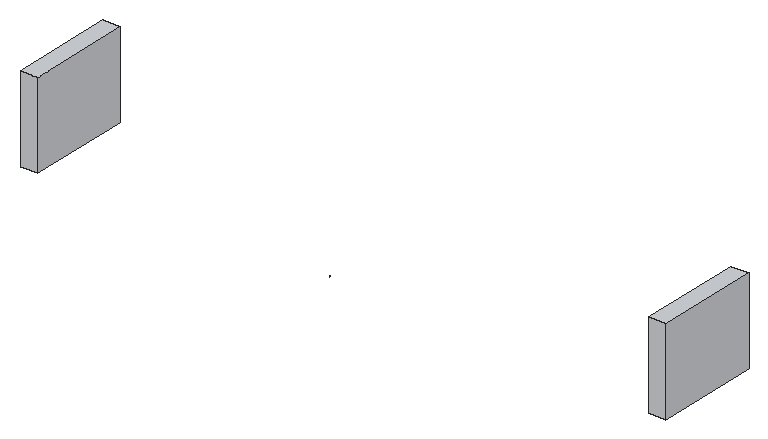
Revit family "ОВ_установка_default", category Оборудование, Revit 2022
Family settings
  Размер круглого соединителя = Использовать диаметр
  Классификация = Нет
  Тип детали = Нормальный
  На основе рабочей плоскости = Нет
  Всегда вертикально = Да
  При загрузке вырезать с полостями = Нет
  Сохранять ориентацию аннотаций = Нет
  Общий = Нет
  Точка принадлежности помещению = Нет
Parameters
  Отметка по умолчанию = 0 mm
  Выпуск_Длина [instance] = 100 mm
  Впуск_Ширина [instance] = 600 mm
  Выпуск_Ширина [instance] = 600 mm
  Выпуск_Отступ [instance] = 100 mm
  Выпуск_Высота [instance] = 500 mm
  Впуск_Снизу [instance] = no
  Впуск_Посередине [instance] = yes
  Впуск_Оступ [instance] = 100 mm
  Впуск_Длина [instance] = 100 mm
  Впуск_Высота [instance] = 500 mm
  Выпуск_Снизу [instance] = no
  Выпуск_Посередине [instance] = yes
  Выпуск_b [instance] = if(Выпуск_Посередине, (ADSK_Размер_Высота / 2) - (Выпуск_Высота / 2), if(Выпуск_Снизу, ADSK_Размер_Высота - Выпуск_Высота, 0 mm))  # 286.069 mm
  Впуск_b [instance] = if(Впуск_Посередине, (ADSK_Размер_Высота / 2) - (Впуск_Высота / 2), if(Впуск_Снизу, ADSK_Размер_Высота - Впуск_Высота, 0 mm))  # 286.069 mm
  Вложенное_оборудование_группирование [instance] = ""
  Вложенное_наполнение_группирование [instance] = ""
  ADSK_Этаж [instance] = ""
  ADSK_Размер_Ширина [instance] = 1360 mm
  ADSK_Размер_Длина [instance] = 3760 mm
  ADSK_Размер_Высота = 1072.138 mm
  ADSK_Примечание [instance] = ""
  ADSK_Предел огнестойкости = ""
  ADSK_Позиция [instance] = ""
  ADSK_Обозначение = ""
  ADSK_Наименование краткое = ""
  ADSK_Наименование = ""
  ADSK_Материал обозначение = ""
  ADSK_Материал наименование = ""
  ADSK_Масса = 0
  ADSK_Марка = ""
  ADSK_Количество [instance] = 1
  ADSK_Код изделия = ""
  ADSK_Зона = ""
  ADSK_Завод-изготовитель = ""
  ADSK_Единица измерения = ""
  ADSK_Группирование = ""
  ADSK_URL страницы изделия = ""
  ADSK_URL документации изделия = ""
Reference planes
  plane 1 "По центру (Вперед/Назад)": y = 0
  plane 2: z = 0
  plane 3 "По центру (Влево/Вправо)": x = 0
  plane 4: x = -1880
  plane 5: x = 1880
  plane 6: y = 680
  plane 7: y = -680
  plane 8: z = 1072.138
  plane 9: z = 786.069
  plane 10: z = 286.069
  plane 11: y = 300
  plane 12: y = -300
  plane 13: y = 300
  plane 14: y = -300
  plane 15: z = 0
  plane 16: z = 286.069
  plane 17 "Начало оборудования": x = -1780
  plane 18: x = 1780
  plane 19: z = 786.069
Dimensions and locks
  equal spacing: plane 6, plane 1 "По центру (Вперед/Назад)", plane 7
  "ADSK_Размер_Ширина": plane 6 to plane 7
  equal spacing: plane 4, plane 3 "По центру (Влево/Вправо)", plane 5
  "ADSK_Размер_Длина": plane 4 to plane 5
  "ADSK_Размер_Высота": level to plane 8
  "Выпуск_b": plane 9 to plane 8
  "Выпуск_Высота": plane 10 to plane 9
  equal spacing: plane 11, plane 1 "По центру (Вперед/Назад)", plane 12
  "Выпуск_Ширина": plane 11 to plane 12
  equal spacing: plane 13, plane 1 "По центру (Вперед/Назад)", plane 14
  "Впуск_Ширина": plane 13 to plane 14
  "Выпуск_Длина": plane 4 to plane 17 "Начало оборудования"
  "Впуск_Длина": plane 18 to plane 5
  "Впуск_b": plane 8 to plane 19
  "Впуск_Высота": plane 19 to plane 16
  aligned and locked: level to plane 2
  aligned and locked: plane 5 to nested 2
  aligned and locked: plane 9 to nested 2
  aligned and locked: nested 1 to plane 16
Nested families
  nested 1: "Элементы установки" at (-1830, 0, 286.069), ADSK_Размер_Высота <- "Впуск_Высота", ADSK_Размер_Ширина <- "Впуск_Ширина", ADSK_Размер_Длина <- "Выпуск_Длина", type "Без УГО"
    with ADSK_Размер_Ширина 600 mm, ADSK_Размер_Длина 100 mm, ADSK_Размер_Высота 500 mm
  nested 2: "Элементы установки" at (1830, 0, 286.069), ADSK_Размер_Высота <- "Выпуск_Высота", ADSK_Размер_Ширина <- "Выпуск_Ширина", ADSK_Размер_Длина <- "Впуск_Длина", type "Без УГО"
    with ADSK_Размер_Ширина 600 mm, ADSK_Размер_Длина 100 mm, ADSK_Размер_Высота 500 mm
  nested 3: "Наполнение" at (-460, 180, 0), type "Наполнение"
    with ADSK_Этаж "", ADSK_Группирование ""
Definition of nested family "Элементы установки"
  Parameters (values of type "Воздухоохладитель")
    Фильтр = no
    Default Elevation = 0 mm
    Воздухоохладитель = yes
    Воздухонагреватель = no
    Вентилятор = no
    ADSK_Размер_Ширина [instance] = 500 mm
    ADSK_Размер_Длина [instance] = 920 mm
    ADSK_Размер_Высота [instance] = 800 mm
  Types (5, lengths in mm): name | Фильтр | Воздухоохладитель | Воздухонагреватель | Вентилятор
    Вентилятор | no | no | no | yes
    Фильтр | yes | no | no | no
    Без УГО | no | no | no | no
    Воздухонагреватель | no | no | yes | no
    Воздухоохладитель | no | yes | no | no
  Reference planes
    plane 1 "По центру (Вперед/Назад)": y = 0
    plane 2 "Снизу": z = 0
    plane 3 "По центру (Влево/Вправо)": x = 0
    plane 4 "Слева": x = -460
    plane 5 "Справа": x = 460
    plane 6 "Сзади": y = 250
    plane 7 "Спереди": y = -250
    plane 8 "Сверху": z = 800
  Forms (mm)
    Extrusion 1, solid
      sketch origin (0, 0, 0) x (1, 0, 0) y (0, 1, 0)
        loop
          line (-460, 250) -> (-460, -250) -> (460, -250) -> (460, 250) -> (-460, 250)
      from 0 to 800
  Dimensions and locks
    equal spacing: plane 4 "Слева", plane 3 "По центру (Влево/Вправо)", plane 5 "Справа"
    "ADSK_Размер_Длина": plane 4 "Слева" to plane 5 "Справа"
    equal spacing: plane 6 "Сзади", plane 1 "По центру (Вперед/Назад)", plane 7 "Спереди"
    "ADSK_Размер_Ширина": plane 6 "Сзади" to plane 7 "Спереди"
    "ADSK_Размер_Высота": level to plane 8 "Сверху"
    aligned and locked: level to plane 2 "Снизу"
    aligned and locked: Extrusion 1 sketch curve to plane 6 "Сзади"
    aligned and locked: plane 4 "Слева" to Extrusion 1 sketch curve
    aligned and locked: plane 7 "Спереди" to Extrusion 1 sketch curve
    aligned and locked: Extrusion 1 sketch curve to plane 5 "Справа"
    aligned and locked: plane 8 "Сверху" to Extrusion 1
    aligned and locked: plane 4 "Слева" to nested 1
    aligned and locked: plane 2 "Снизу" to nested 1
    aligned and locked: plane 4 "Слева" to nested 2
    aligned and locked: plane 7 "Спереди" to nested 2
    aligned and locked: plane 4 "Слева" to nested 3
    aligned and locked: nested 3 to plane 8 "Сверху"
    aligned and locked: nested 5 to Extrusion 1  (x2)
    aligned and locked: nested 6 to Extrusion 1  (x3)
    aligned and locked: nested 4 to Extrusion 1  (x2)
    aligned and locked: nested 8 to Extrusion 1  (x2)
    aligned and locked: nested 9 to Extrusion 1  (x2)
    aligned and locked: nested 7 to Extrusion 1  (x2)
  Nested families
    nested 1: "УГО_Вентилятор" at (0, -250, 400) x (1, 0, 0) z (0, -1, 0), ADSK_Размер_Высота <- "ADSK_Размер_Высота", ADSK_Размер_Длина <- "ADSK_Размер_Длина", Вентилятор <- "Вентилятор", Фильтр <- "Фильтр", type "УГО_Вентилятор"
      with Фильтр no, Воздухоохладитель no, Воздухонагреватель no, Вентилятор no, l 554.256 mm, i 512 mm, a 160 mm, ADSK_Размер_Длина 920 mm, ADSK_Размер_Диаметр 640 mm, ADSK_Размер_Высота 800 mm
    nested 2: "УГО_Вентилятор" at (0, 0, 800), ADSK_Размер_Высота <- "ADSK_Размер_Ширина", ADSK_Размер_Длина <- "ADSK_Размер_Длина", Вентилятор <- "Вентилятор", Фильтр <- "Фильтр", type "УГО_Вентилятор"
      with Фильтр no, Воздухоохладитель no, Воздухонагреватель no, Вентилятор no, l 346.41 mm, i 320 mm, a 100 mm, ADSK_Размер_Длина 920 mm, ADSK_Размер_Диаметр 400 mm, ADSK_Размер_Высота 500 mm
    nested 3: "УГО_Вентилятор" at (0, 250, 400) x (1, 0, 0) z (0, 1, 0), ADSK_Размер_Высота <- "ADSK_Размер_Высота", ADSK_Размер_Длина <- "ADSK_Размер_Длина", Вентилятор <- "Вентилятор", Фильтр <- "Фильтр", type "УГО_Вентилятор"
      with Фильтр no, Воздухоохладитель no, Воздухонагреватель no, Вентилятор no, l 554.256 mm, i 512 mm, a 160 mm, ADSK_Размер_Длина 920 mm, ADSK_Размер_Диаметр 640 mm, ADSK_Размер_Высота 800 mm
    nested 4: "УГО_Вентилятор" at (0, 250, 400) x (1, 0, 0) z (0, 1, 0), ADSK_Размер_Длина <- "ADSK_Размер_Длина", ADSK_Размер_Высота <- "ADSK_Размер_Высота", visible <- "Воздухонагреватель", type "Воздухонагреватель"
      with Фильтр no, Воздухоохладитель no, Воздухонагреватель yes, Вентилятор no, l 554.256 mm, i 512 mm, a 160 mm, ADSK_Размер_Длина 920 mm, ADSK_Размер_Диаметр 640 mm, ADSK_Размер_Высота 800 mm
    nested 5: "УГО_Вентилятор" at (0, -250, 400) x (-1, 0, 0) z (0, -1, 0), ADSK_Размер_Высота <- "ADSK_Размер_Высота", ADSK_Размер_Длина <- "ADSK_Размер_Длина", visible <- "Воздухонагреватель", type "Воздухонагреватель"
      with Фильтр no, Воздухоохладитель no, Воздухонагреватель yes, Вентилятор no, l 554.256 mm, i 512 mm, a 160 mm, ADSK_Размер_Длина 920 mm, ADSK_Размер_Диаметр 640 mm, ADSK_Размер_Высота 800 mm
    nested 6: "УГО_Вентилятор" at (0, 0, 800), ADSK_Размер_Длина <- "ADSK_Размер_Длина", ADSK_Размер_Высота <- "ADSK_Размер_Ширина", visible <- "Воздухонагреватель", type "Воздухонагреватель"
      with Фильтр no, Воздухоохладитель no, Воздухонагреватель yes, Вентилятор no, l 346.41 mm, i 320 mm, a 100 mm, ADSK_Размер_Длина 920 mm, ADSK_Размер_Диаметр 400 mm, ADSK_Размер_Высота 500 mm
    nested 7: "УГО_Вентилятор" at (0, -250, 400) x (-1, 0, 0) z (0, -1, 0), ADSK_Размер_Высота <- "ADSK_Размер_Высота", ADSK_Размер_Длина <- "ADSK_Размер_Длина", visible <- "Воздухоохладитель", type "Воздухоохладитель"
      with Фильтр no, Воздухоохладитель yes, Воздухонагреватель no, Вентилятор no, l 554.256 mm, i 512 mm, a 160 mm, ADSK_Размер_Длина 920 mm, ADSK_Размер_Диаметр 640 mm, ADSK_Размер_Высота 800 mm
    nested 8: "УГО_Вентилятор" at (0, 250, 400) x (1, 0, 0) z (0, 1, 0), ADSK_Размер_Высота <- "ADSK_Размер_Высота", ADSK_Размер_Длина <- "ADSK_Размер_Длина", visible <- "Воздухоохладитель", type "Воздухоохладитель"
      with Фильтр no, Воздухоохладитель yes, Воздухонагреватель no, Вентилятор no, l 554.256 mm, i 512 mm, a 160 mm, ADSK_Размер_Длина 920 mm, ADSK_Размер_Диаметр 640 mm, ADSK_Размер_Высота 800 mm
    nested 9: "УГО_Вентилятор" at (0, 0, 800), ADSK_Размер_Высота <- "ADSK_Размер_Ширина", ADSK_Размер_Длина <- "ADSK_Размер_Длина", visible <- "Воздухоохладитель", type "Воздухоохладитель"
      with Фильтр no, Воздухоохладитель yes, Воздухонагреватель no, Вентилятор no, l 346.41 mm, i 320 mm, a 100 mm, ADSK_Размер_Длина 920 mm, ADSK_Размер_Диаметр 400 mm, ADSK_Размер_Высота 500 mm
  Definition of nested family "УГО_Вентилятор"
    Parameters (values of type "Воздухонагреватель")
      Фильтр [instance] = no
      Default Elevation = 1219.2 mm
      Воздухоохладитель [instance] = no
      Воздухонагреватель [instance] = yes
      Вентилятор [instance] = no
      l [instance] = ADSK_Размер_Диаметр * cos(30.00°)  # 381.051 mm
      i [instance] = ADSK_Размер_Диаметр - ADSK_Размер_Диаметр / 100 * 20  # 352 mm
      a [instance] = ADSK_Размер_Диаметр / 4  # 110 mm
      ADSK_Размер_Длина [instance] = 1000 mm
      ADSK_Размер_Диаметр [instance] = if(ADSK_Размер_Длина > ADSK_Размер_Высота, ADSK_Размер_Высота * 0.8, ADSK_Размер_Длина * 0.8)  # 440 mm
      ADSK_Размер_Высота [instance] = 550 mm
    Types (5, lengths in mm): name | Фильтр | Воздухоохладитель | Воздухонагреватель | Вентилятор | l | i | a | ADSK_Размер_Диаметр | ADSK_Размер_Высота
      (no name) | no | no | yes | no | 692.82 | 640 | 200 | 800 | 1100
      Вентилятор | no | no | no | yes | 692.82 | 640 | 200 | 800 | 1100
      Фильтр | yes | no | no | no | 692.82 | 640 | 200 | 800 | 1100
      Воздухонагреватель | no | no | yes | no | 381.051 | 352 | 110 | 440 | 550
      Воздухоохладитель | no | yes | no | no | 692.82 | 640 | 200 | 800 | 1100
    Reference planes
      plane 1 "По центру (Вперед/Назад)": y = 0
      plane 2: z = 0
      plane 3 "По центру (Влево/Вправо)": x = 0
      plane 4: y = 275
      plane 5: y = -275
      plane 6: x = -500
      plane 7: x = 500
      plane 8: y = 137.5
      plane 9: y = -137.5
    Forms (mm)
      Extrusion 1, solid, visible <- "Вентилятор"
        sketch origin (0, 0, 0) x (1, 0, 0) y (0, 1, 0)
          loop
            line (220, 0) -> (-110, 190.526) -> (-110, -190.526) -> (220, 0)
        from 0 to 1
    Lines and regions (mm)
      model lines
        curve 1: line (-500, 275, 0) -> (500, 275, 0)
        curve 2: line (-500, -275, 0) -> (-500, 275, 0)
        curve 3: line (500, -275, 0) -> (-500, -275, 0)
        curve 4: line (500, 275, 0) -> (500, -275, 0)
      model lines, visible <- "Вентилятор"
        curve 5: circle (0, 0, 0) r 220 normal (0, 0, 1)
      model lines, visible <- "Фильтр"
        curve 6: line (500, 275, 0) -> (-500, 137.5, 0)
        curve 7: line (500, 0, 0) -> (-500, -137.5, 0)
        curve 8: line (500, -275, 0) -> (-500, -137.5, 0)
        curve 9: line (-500, 137.5, 0) -> (500, 0, 0)
      model lines, visible <- "Воздухонагреватель"
        curve 10: circle (0, 0, 0) r 220 normal (0, 0, 1)
        curve 11: line (0, 176, 0) -> (0, -176, 0)
        curve 12: line (-176, 0, 0) -> (176, 0, 0)
      model lines, visible <- "Воздухоохладитель"
        curve 13: circle (0, 0, 0) r 220 normal (0, 0, 1)
        curve 14: line (-176, 0, 0) -> (176, 0, 0)
    Dimensions and locks
      equal spacing: plane 4, plane 1 "По центру (Вперед/Назад)", plane 5
      "ADSK_Размер_Высота": plane 4 to plane 5
      equal spacing: plane 6, plane 3 "По центру (Влево/Вправо)", plane 7
      "ADSK_Размер_Длина": plane 6 to plane 7
      "a": Extrusion 1 sketch curve to plane 3 "По центру (Влево/Вправо)"
      "l": Extrusion 1 sketch curve to Extrusion 1 sketch curve
      equal spacing: plane 4, plane 8, plane 1 "По центру (Вперед/Назад)"
      equal spacing: plane 5, plane 9, plane 1 "По центру (Вперед/Назад)"
      equal spacing: curve 11, plane 1 "По центру (Вперед/Назад)", curve 11
      "i": curve 11 to curve 11
      equal spacing: curve 12, plane 3 "По центру (Влево/Вправо)", curve 12
      "i": curve 12 to curve 12
      equal spacing: curve 14, plane 3 "По центру (Влево/Вправо)", curve 14
      "i": curve 14 to curve 14
      "ADSK_Размер_Диаметр": diameter of curve 5
      "ADSK_Размер_Диаметр": diameter of curve 10
      "ADSK_Размер_Диаметр": diameter of curve 13
      locked: Extrusion 1 sketch curve to plane 1 "По центру (Вперед/Назад)" (angle 30.00°)
      locked: plane 1 "По центру (Вперед/Назад)" to Extrusion 1 sketch curve (angle 30.00°)
      aligned and locked: level to plane 2
      aligned and locked: curve 1 to plane 4
      aligned and locked: plane 5 to curve 3
      aligned and locked: plane 3 "По центру (Влево/Вправо)" to curve 5
      aligned and locked: plane 1 "По центру (Вперед/Назад)" to curve 5
      aligned and locked: plane 6 to curve 9
      aligned and locked: plane 8 to curve 9
      aligned and locked: plane 7 to curve 9
      aligned and locked: plane 1 "По центру (Вперед/Назад)" to curve 7
      aligned and locked: plane 6 to curve 8
      aligned and locked: plane 7 to curve 8
      aligned and locked: plane 3 "По центру (Влево/Вправо)" to curve 10
      aligned and locked: plane 1 "По центру (Вперед/Назад)" to curve 10
      aligned and locked: plane 3 "По центру (Влево/Вправо)" to curve 13
      aligned and locked: plane 1 "По центру (Вперед/Назад)" to curve 13
    Automatic sketch dimensions
      curve 11 to plane 3 "По центру (Влево/Вправо)" = 0 mm
      curve 7 to plane 9 = 0 mm
      plane 1 "По центру (Вперед/Назад)" to curve 12 = 0 mm
      plane 1 "По центру (Вперед/Назад)" to curve 14 = 0 mm
      curve 6 to plane 8 = 0 mm
      plane 1 "По центру (Вперед/Назад)" to Extrusion 1 sketch curve = 0 mm
Definition of nested family "Наполнение"
  Parameters (values of type "Наполнение")
    Default Elevation = 0 mm
    ADSK_Этаж [instance] = ""
    ADSK_Примечание = ""
    ADSK_Предел огнестойкости = ""
    ADSK_Позиция = ""
    ADSK_Обозначение = ""
    ADSK_Наименование краткое = ""
    ADSK_Наименование = ""
    ADSK_Материал обозначение = ""
    ADSK_Материал наименование = ""
    ADSK_Масса = 0
    ADSK_Марка = ""
    ADSK_Количество = 1
    ADSK_Код изделия = ""
    ADSK_Зона = ""
    ADSK_Завод-изготовитель = ""
    ADSK_Единица измерения = "шт."  # constant formula
    ADSK_Группирование [instance] = ""
    ADSK_URL страницы изделия = ""
    ADSK_URL документации изделия = ""
  Reference planes
    plane 1 "По центру (Вперед/Назад)": y = 0
    plane 2: z = 0
    plane 3 "По центру (Влево/Вправо)": x = 0
  Forms (mm)
    Extrusion 1, solid
      sketch origin (0, 0, 0) x (1, 0, 0) y (0, 1, 0)
        loop
          line (0, 0) -> (0, -1) -> (1, -1) -> (1, 0) -> (0, 0)
      from 0 to 1
  Dimensions and locks
    aligned and locked: level to plane 2
